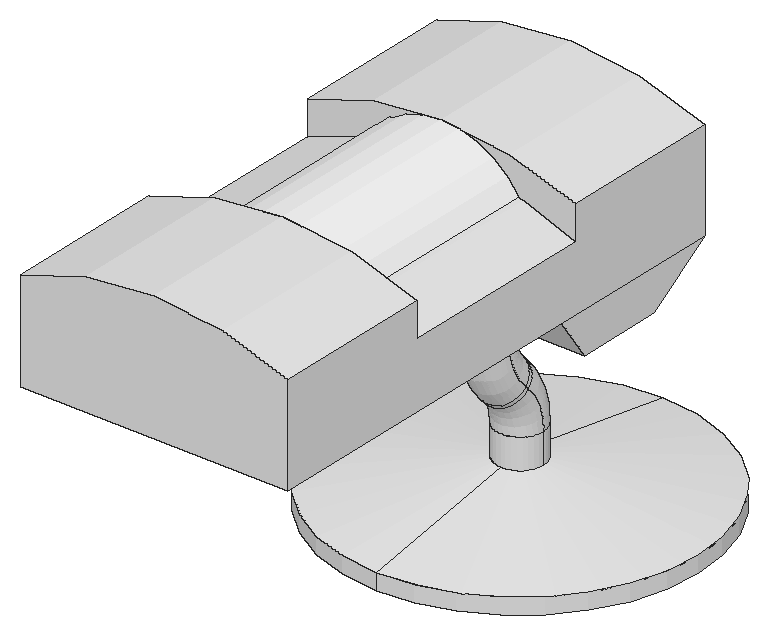
Revit family "Sensor-Lutron-Wall_Mount-Occupancy-12ft-LOS-WIR", category Lighting Devices, host Face, Revit 2017
Family settings
  Host = Face
  Maintain Annotation Orientation = Yes
  Round Connector Dimension = Use Diameter
  Part Type = Normal
  OmniClass Number = 23.85.80.11.27
  OmniClass Title = Lighting Controls
  Cut with Voids When Loaded = No
  Shared = No
  Room Calculation Point = No
Parameters (values of type "LOS-WIR-WH")
  Warranty URL = "http://www.lutron.com/en-US/Service-Support/Pages/Service/Warranty/Warranty.aspx"
  Voltage Comments = "20-24VDC"
  Video Link = "https://www.youtube.com/user/LutronElectronicsInc"
  Version = "2017 - v1.0b"  # constant formula
  Support Phone = "(224) 699-9545"  # constant formula
  Support Email = "mailto: support@anguleris.com"
  Series = "LOS-W"  # constant formula
  Sensor Material = Plastic-Lutron-White-Gloss
  Range Diagram Height = 12' - 0"  # constant formula
  Product Page URL = "http://www.lutron.com/en-US/products/Pages/sensors/occupancy-vacancy/loswseries/overview.aspx"
  Product Name = "Infrared Wall Mount Occupancy Sensor"
  Product Documentation Link = "http://www.lutron.com/TechnicalDocumentLibrary/LOS-WIR%20Series.pdf"
  Performance URL = "http://www.lutron.com/en-US/Service-Support/Pages/Technical/PerfomanceSpecs.aspx"
  Nominal Width = 0' - 3 77/128"  # constant formula
  Nominal Height = 0' - 6 13/32"  # constant formula
  Nominal Depth = 0' - 3 115/128"  # constant formula
  URL = "http://www.lutron.com"
  Type Comments = ""
  Model = "LOS-WIR-WH"
  Manufacturer Phone Number = "610-282-3800"  # constant formula
  Manufacturer Fax Number = "610-282-1243"  # constant formula
  Manufacturer Email = "mailto:support@lutron.com"
  Manufacturer Address = "7200 Suter Rd, Coopersburg, PA 18036"  # constant formula
  Manufacturer = "Lutron Electronics Co., Inc"  # constant formula
  Keynote = ""
  Instruction Sheet Link = "http://www.lutron.com/TechnicalDocumentLibrary/031259a.pdf"
  Infrared Minor Motion Detection [instance] = no
  Infrared Minor Motion = 20' - 0"  # constant formula
  Infrared Major Motion Detection [instance] = no
  Infrared Major Motion = 40' - 0"  # constant formula
  Height = 0' - 5 1/4"  # constant formula
  Field of View = 110.00°
  Description = "Infrared Wall Mount Occupancy Sensor"
  Default Elevation = 6' - 0"
  Coverage = 1600.00 SF
  Cost Info = "mailto:sales@lutron.com"
  Cost = 0
  Copyright = "© 2019 Lutron Electronics Co., Inc."  # constant formula
  Assembly Code = "D5030800"
Reference planes (in)
  plane 1 "Center (Front/Back)": y = 0
  plane 2: z = 0
  plane 3 "Center (Left/Right)": x = 0
  plane 4: x = -1.80078
  plane 5: x = 1.80078
  plane 6: y = 1.8
  plane 7: z = 3.89844
  plane 8: x = 1.34961
  plane 9: x = -1.34961
  plane 10: y = 0.63762
  plane 11: y = -4.61238
  plane 12: y = -1.98738
Forms (in)
  Extrusion 1, solid, material "Plastic-Lutron-White-Gloss" <- "Sensor Material"
    sketch origin (11.26288, -5.98738, 11.87143) x (1, 0, 0) y (0, 0, -1)
      loop
        arc (-12.61249, 8.25928) -> (-11.26288, 7.97298) -> (-9.91328, 8.25928) r 3.32416
        line (-9.91328, 8.25928) -> (-9.91328, 9.26528) -> (-12.61249, 9.26528) -> (-12.61249, 8.25928)
    from 1.375 to 6.625
  Extrusion 2, solid, material "Plastic-Lutron-White-Gloss" <- "Sensor Material"
    sketch origin (0, -6.17006, 1.35771) x (0, 0, 1) y (0, -1, 0)
      loop
        line (0.83206, -6.17006) -> (1.24844, -6.80768) -> (1.24844, -5.00864) -> (0.83206, -5.30019) -> (0.83206, -6.17006)
    from -1.34961 to 1.34961
  Extrusion 3, void, detail levels medium+fine
    sketch origin (11.26288, -5.98738, 3.96126) x (1, 0, 0) y (0, 0, -1)
      loop
        arc (-12.61249, 0.28785) -> (-11.26288, 0.00618) -> (-9.91328, 0.28785) r 3.37409
        line (-9.91328, 0.28785) -> (-9.91328, 0.69358)
        arc (-9.91328, 0.69358) -> (-11.26288, 0.39364) -> (-12.61249, 0.69358) r 3.18633
        line (-12.61249, 0.69358) -> (-12.61249, 0.28785)
    from 3 to 5
  Sweep 4, solid, material "Plastic-Lutron-White-Gloss" <- "Sensor Material"
    path origin (0, -6.36238, 3.9) x (0, 0, -1) y (0, 1, 0)
      loop
        line (1.71024, 5.92744) -> (2.16622, 5.92744)
        arc (2.16622, 5.92744) -> (2.43786, 5.98148) -> (2.66814, 6.13535) r 0.70982
        line (2.66814, 6.13535) -> (2.70111, 6.16831)
        arc (2.70111, 6.16831) -> (2.91607, 6.31194) -> (3.16963, 6.36238) r 0.66259
        line (3.16963, 6.36238) -> (3.47292, 6.36238)
    profile origin (0, -0.43494, 1.96177) x (1, 0, 0) y (0, 1, 0)
      loop
        circle (0, 0) r 0.23664
  Extrusion 5, solid, material "Plastic-Lutron-Clear"
    sketch origin (0, -1.68932, -0.16738) x (1, 0, 0) y (0, 0, 1)
      loop
        arc (-0.77556, 3.63917) -> (0, 3.735) -> (0.77556, 3.63917) r 3.18633
        arc (0.77556, 3.63917) -> (0, 4.06582) -> (-0.77556, 3.63917) r 0.91822
    from -0.70194 to 1.29806
  Revolve 6, solid, material "Plastic-Lutron-White-Gloss" <- "Sensor Material"
    sketch origin (0, 0, 0) x (0, 1, 0) y (0, 0, 1)
      loop
        line (0, 0.42864) -> (0, 0) -> (1.8, 0) -> (1.8, 0.16422) -> (0.23664, 0.42864) -> (0, 0.42864)
      axis (0, 0.42864) -> (0, 0)
    angle from 0 to 360
  Extrusion 7, solid, material "Infrared Minor Detection", visible <- "Infrared Minor Motion Detection"
    sketch origin (0, 0, 0) x (1, 0, 0) y (0, 0, 1)
      loop
        line (-240, 0) -> (240, 0)
        arc (240, 0) -> (0, 240) -> (-240, 0) r 240
    from -1.8 to -1.675
  Extrusion 8, void, detail levels fine
    sketch origin (0, 0, 0) x (1, 0, 0) y (0, 0, 1)
      loop
        arc (24.98185, 479.34946) -> (0, 480) -> (-24.98185, 479.34946) r 480
        line (-24.98185, 479.34946) -> (-0.06981, 3.99939)
        arc (-0.06981, 3.99939) -> (0, 4) -> (0.06981, 3.99939) r 4
        line (0.06981, 3.99939) -> (24.98185, 479.34946)
      loop
        arc (480, 0) -> (460.25109, 136.26787) -> (402.62945, 261.32264) r 480
        line (402.62945, 261.32264) -> (3.42066, 2.07342)
        arc (3.42066, 2.07342) -> (3.55661, 1.83045) -> (3.67532, 1.5786) r 4
        line (3.67532, 1.5786) -> (189.74119, 89.99044)
        arc (189.74119, 89.99044) -> (193.06097, 82.62846) -> (196.09522, 75.14429) r 210
        line (196.09522, 75.14429) -> (3.77598, 1.31985)
        arc (3.77598, 1.31985) -> (3.79844, 1.25374) -> (3.81974, 1.18726) r 4
        line (3.81974, 1.18726) -> (199.73769, 64.84486)
        arc (199.73769, 64.84486) -> (201.9811, 57.47725) -> (203.95285, 50.03232) r 210
        line (203.95285, 50.03232) -> (3.8929, 0.91943)
        arc (3.8929, 0.91943) -> (3.93554, 0.71519) -> (3.96748, 0.50901) r 4
        line (3.96748, 0.50901) -> (136.31939, 21.47149)
        arc (136.31939, 21.47149) -> (137.00452, 16.54575) -> (137.51172, 11.59853) r 138
        line (137.51172, 11.59853) -> (3.98283, 0.37024)
        arc (3.98283, 0.37024) -> (3.99328, 0.23178) -> (3.99892, 0.09305) r 4
        line (3.99892, 0.09305) -> (137.93018, 4.38914)
        arc (137.93018, 4.38914) -> (137.98254, 2.19485) -> (138, 0) r 138
        line (138, 0) -> (480, 0)
      loop
        line (-480, 0) -> (-138, 0)
        arc (-138, 0) -> (-137.98254, 2.19485) -> (-137.93018, 4.38914) r 138
        line (-137.93018, 4.38914) -> (-3.99892, 0.09305)
        arc (-3.99892, 0.09305) -> (-3.99328, 0.23178) -> (-3.98283, 0.37024) r 4
        line (-3.98283, 0.37024) -> (-137.51172, 11.59853)
        arc (-137.51172, 11.59853) -> (-137.00452, 16.54575) -> (-136.31939, 21.47149) r 138
        line (-136.31939, 21.47149) -> (-3.96748, 0.50901)
        arc (-3.96748, 0.50901) -> (-3.93554, 0.71519) -> (-3.8929, 0.91943) r 4
        line (-3.8929, 0.91943) -> (-203.95285, 50.03232)
        arc (-203.95285, 50.03232) -> (-201.9811, 57.47725) -> (-199.73769, 64.84486) r 210
        line (-199.73769, 64.84486) -> (-3.81974, 1.18726)
        arc (-3.81974, 1.18726) -> (-3.79844, 1.25374) -> (-3.77598, 1.31985) r 4
        line (-3.77598, 1.31985) -> (-196.09522, 75.14429)
        arc (-196.09522, 75.14429) -> (-193.06097, 82.62846) -> (-189.74119, 89.99044) r 210
        line (-189.74119, 89.99044) -> (-3.67532, 1.5786)
        arc (-3.67532, 1.5786) -> (-3.55661, 1.83045) -> (-3.42066, 2.07342) r 4
        line (-3.42066, 2.07342) -> (-408.29236, 252.38334)
        arc (-408.29236, 252.38334) -> (-461.72521, 131.18626) -> (-480, 0) r 480
      loop
        arc (115.75325, 465.83386) -> (91.3518, 471.22696) -> (66.70274, 475.34277) r 480
        line (66.70274, 475.34277) -> (0.69262, 3.93958)
        arc (0.69262, 3.93958) -> (0.76127, 3.92689) -> (0.82968, 3.91301) r 4
        line (0.82968, 3.91301) -> (115.75325, 465.83386)
      loop
        arc (202.29336, 435.29001) -> (179.3643, 445.22854) -> (155.94906, 453.96023) r 480
        line (155.94906, 453.96023) -> (1.42972, 3.73576)
        arc (1.42972, 3.73576) -> (1.4947, 3.71024) -> (1.55923, 3.68359) r 4
        line (1.55923, 3.68359) -> (202.29336, 435.29001)
      loop
        arc (294.83746, 378.77549) -> (274.7243, 393.60711) -> (253.86648, 407.37183) r 480
        line (253.86648, 407.37183) -> (2.23178, 3.31951)
        arc (2.23178, 3.31951) -> (2.28937, 3.28006) -> (2.34627, 3.2396) r 4
        line (2.34627, 3.2396) -> (294.83746, 378.77549)
      loop
        arc (367.65129, 308.59768) -> (353.58828, 324.61566) -> (338.82801, 339.9935) r 480
        line (338.82801, 339.9935) -> (2.91993, 2.73386)
        arc (2.91993, 2.73386) -> (2.9672, 2.68249) -> (3.01356, 2.63029) r 4
        line (3.01356, 2.63029) -> (367.65129, 308.59768)
      loop
        line (-115.75325, 465.83386) -> (-0.82968, 3.91301)
        arc (-0.82968, 3.91301) -> (-0.76127, 3.92689) -> (-0.69262, 3.93958) r 4
        line (-0.69262, 3.93958) -> (-66.70274, 475.34277)
        arc (-66.70274, 475.34277) -> (-91.3518, 471.22696) -> (-115.75325, 465.83386) r 480
      loop
        line (-202.29336, 435.29001) -> (-1.55923, 3.68359)
        arc (-1.55923, 3.68359) -> (-1.4947, 3.71024) -> (-1.42972, 3.73576) r 4
        line (-1.42972, 3.73576) -> (-155.94906, 453.96023)
        arc (-155.94906, 453.96023) -> (-179.3643, 445.22854) -> (-202.29336, 435.29001) r 480
      loop
        line (-294.83746, 378.77549) -> (-2.34627, 3.2396)
        arc (-2.34627, 3.2396) -> (-2.28937, 3.28006) -> (-2.23178, 3.31951) r 4
        line (-2.23178, 3.31951) -> (-253.86648, 407.37183)
        arc (-253.86648, 407.37183) -> (-274.7243, 393.60711) -> (-294.83746, 378.77549) r 480
      loop
        line (-378.1113, 295.68876) -> (-3.01356, 2.63029)
        arc (-3.01356, 2.63029) -> (-2.9672, 2.68249) -> (-2.91993, 2.73386) r 4
        line (-2.91993, 2.73386) -> (-338.82801, 339.9935)
        arc (-338.82801, 339.9935) -> (-359.15348, 318.44745) -> (-378.1113, 295.68876) r 480
    from -1.8 to -1.675
  Extrusion 9, solid, material "Infrared Major Detection", visible <- "Infrared Major Motion Detection"
    sketch origin (0, 0, 0) x (1, 0, 0) y (0, 0, 1)
      loop
        line (-480, 0) -> (480, 0)
        arc (480, 0) -> (0, 480) -> (-480, 0) r 480
    from -1.76723 to -1.70186
Cuts and joins
  Extrusion 3, Extrusion 8 cuts Extrusion 1
  Extrusion 8 cuts Extrusion 2
  Extrusion 8 cuts Sweep 4
  Extrusion 8 cuts Extrusion 5
  Extrusion 8 cuts Extrusion 7
  Extrusion 8 cuts Extrusion 9
Lines and regions (in)
  symbolic lines, detail levels fine
    curve 1: line (-0.23664, 0, 0.42864) -> (-0.23664, 0, 2.18976)
    curve 2: line (0.23664, 0, 0.42864) -> (0.23664, 0, 2.18976)
    curve 3: line (1.80078, 0, 0.16422) -> (1.80078, 0, 0)
    curve 4: line (1.80078, 0, 0) -> (-1.80078, 0, 0)
    curve 5: line (-1.80078, 0, 0) -> (-1.80078, 0, 0.16422)
    curve 6: line (-0.23664, 0, 0.42864) -> (0.23664, 0, 0.42864)
    curve 7: line (-1.80078, 0, 0.16422) -> (-0.23664, 0, 0.42864)
    curve 8: line (1.80078, 0, 0.16422) -> (0.23664, 0, 0.42864)
    curve 9: line (-1.34961, 0, 2.18976) -> (1.34961, 0, 2.18976)
    curve 10: arc (-1.34961, 0, 3.61214) -> (0, 0, 3.89844) -> (1.34961, 0, 3.61214) r 3.32416
    curve 11: line (1.34961, 0, 2.18976) -> (1.34961, 0, 3.61214)
    curve 12: line (-1.34961, 0, 3.61214) -> (-1.34961, 0, 2.18976)
Dimensions and locks (in)
  equal spacing: plane 4, plane 3 "Center (Left/Right)", plane 5
  "Nominal Width": plane 4 to plane 5
  locked: plane 1 "Center (Front/Back)" to plane 6 at 1.8
  locked: Revolve 6 sketch curve to plane 6 at 1.56336
  plane 2 to Revolve 6 sketch curve to Revolve 6 sketch curve = 0' - 0.16422" locked, 0' - 0.26442" locked
  Extrusion 2 sketch curve to Extrusion 2 sketch curve to Extrusion 2 sketch curve to plane 1 "Center (Front/Back)" to Extrusion 2 sketch curve = 0' - 0.29155" locked, 0' - 0.86987" locked, 0' - 0" locked, 0' - 0.63762" locked
  equal spacing: plane 9, plane 3 "Center (Left/Right)", plane 8
  locked: plane 9 to plane 8 at 2.69922
  locked: plane 7 to Extrusion 1 sketch curve at 3.32416
  "Nominal Depth": plane 2 to plane 7
  "Height": plane 11 to plane 10
  locked: plane 10 to plane 6 at 1.16238
  equal spacing: plane 11, plane 12, plane 10
  equal spacing: cut or joined group of Extrusion 1, Extrusion 3, Extrusion 8, plane 12, cut or joined group of Extrusion 1, Extrusion 3, Extrusion 8
  locked: cut or joined group of Extrusion 1, Extrusion 3, Extrusion 8 to cut or joined group of Extrusion 1, Extrusion 3, Extrusion 8 at 2
  locked: plane 7 to Extrusion 3 sketch curve at 3.31745
  locked: plane 7 to Extrusion 3 sketch curve at 3.51715
  locked: plane 7 to Extrusion 5 sketch curve at 0.91822
  plane 11 to plane 6 = 0' - 6.41238"
  Extrusion 9 sketch curve to plane 3 "Center (Left/Right)" to Extrusion 9 sketch curve = 40' - 0", 40' - 0"
  "Infrared Major Motion": Extrusion 9 sketch curve to Extrusion 9 sketch curve
  cut or joined group of Extrusion 7, Extrusion 8 to Extrusion 9 to Extrusion 9 to cut or joined group of Extrusion 7, Extrusion 8 = 0' - 0.03277" locked, 0' - 0.06536" locked, 0' - 0.02686" locked
  locked: cut or joined group of Extrusion 1, Extrusion 3, Extrusion 8 to plane 7 at 1.29229
  equal spacing: Extrusion 1 sketch curve, plane 7, Extrusion 1 sketch curve
  cut or joined group of Extrusion 1, Extrusion 3, Extrusion 8 to cut or joined group of Extrusion 1, Extrusion 3, Extrusion 8 = 0' - 1.2923"
  locked: Extrusion 1 sketch curve to Extrusion 1 sketch curve at 1.2923
  Sweep 4 sketch curve to Sweep 4 sketch curve to plane 1 "Center (Front/Back)" to Sweep 4 sketch curve = 0' - 0.2079" locked, 0' - 0.22703" locked, 0' - 0" locked
  Sweep 4 sketch curve to plane 1 "Center (Front/Back)" = 0' - 0.43494"
  locked: Sweep 4 sketch curve to plane 2 at 0.42708
  locked: Sweep 4 sketch curve to plane 7 at 1.70867
  "Infrared Minor Motion": radius of Extrusion 7 sketch curve
  radius of Extrusion 7 sketch curve = 20' - 0"
  radius of Extrusion 8 sketch curve = 40' - 0"  (x11)
  radius of Extrusion 8 sketch curve = 17' - 6"  (x4)
  radius of Extrusion 8 sketch curve = 11' - 6"  (x4)
  aligned and locked: plane 2 to host face
  aligned and locked: level to host face
  aligned and locked: plane 1 "Center (Front/Back)" to Revolve 6 sketch curve
  aligned and locked: Revolve 6 sketch curve to plane 6
  aligned and locked: Revolve 6 sketch curve to plane 2
  aligned and locked: Extrusion 2 sketch curve to cut or joined group of Extrusion 1, Extrusion 3, Extrusion 8
  aligned and locked: Extrusion 2 sketch curve to Sweep 4
  aligned and locked: plane 9 to Extrusion 2
  aligned and locked: Extrusion 2 to plane 8
  aligned and locked: plane 9 to Extrusion 1 sketch curve
  aligned and locked: plane 8 to Extrusion 1 sketch curve
  aligned and locked: plane 10 to cut or joined group of Extrusion 1, Extrusion 3, Extrusion 8
  aligned and locked: plane 11 to cut or joined group of Extrusion 1, Extrusion 3, Extrusion 8
  aligned and locked: cut or joined group of Extrusion 1, Extrusion 3, Extrusion 8 to Extrusion 5  (x2)
  aligned and locked: plane 9 to Extrusion 3 sketch curve
  aligned and locked: plane 8 to Extrusion 3 sketch curve
  aligned and locked: Extrusion 5 sketch curve to cut or joined group of Extrusion 1, Extrusion 3, Extrusion 8
  aligned and locked: Extrusion 7 to plane 6
  aligned and locked: Extrusion 8 to plane 6
  aligned and locked: cut or joined group of Sweep 4, Extrusion 8 to curve 1
  aligned and locked: cut or joined group of Sweep 4, Extrusion 8 to curve 2
  aligned and locked: plane 5 to curve 3
  aligned and locked: curve 6 to Revolve 6
  aligned and locked: curve 5 to curve 5
  aligned and locked: curve 5 to Revolve 6
  aligned and locked: Revolve 6 to curve 3
  aligned and locked: plane 2 to curve 4
  aligned and locked: curve 9 to cut or joined group of Extrusion 2, Extrusion 8
  aligned and locked: curve 10 to cut or joined group of Extrusion 1, Extrusion 3, Extrusion 8
  aligned and locked: curve 11 to cut or joined group of Extrusion 1, Extrusion 3, Extrusion 8
  aligned and locked: curve 12 to cut or joined group of Extrusion 1, Extrusion 3, Extrusion 8
  aligned and locked: Extrusion 9 sketch curve to plane 2
  aligned and locked: plane 3 "Center (Left/Right)" to nested 1
  aligned and locked: plane 1 "Center (Front/Back)" to nested 1
  aligned and locked: plane 3 "Center (Left/Right)" to Sweep 4 sketch curve
  aligned and locked: Extrusion 7 sketch curve to plane 2
  aligned and locked: plane 3 "Center (Left/Right)" to Extrusion 7 sketch curve
  aligned and locked: plane 2 to Extrusion 8 sketch curve  (x2)
  aligned and locked: plane 3 "Center (Left/Right)" to Extrusion 8 sketch curve
Automatic sketch dimensions
  host sketch curve to host sketch curve = 8' - 0"  (x2)
  Extrusion 3 sketch curve to plane 3 "Center (Left/Right)" = 0' - 0"  (x2)
  plane 7 to Extrusion 3 sketch curve = 0' - 0.22503"
  Extrusion 3 sketch curve to Extrusion 3 sketch curve = 0' - 0.40573"
  Sweep 4 sketch curve to plane 1 "Center (Front/Back)" = 0' - 0.27489"
  Sweep 4 sketch curve to Sweep 4 sketch curve = 0' - 0.45598"
  Sweep 4 sketch curve to Sweep 4 sketch curve = 0' - 0.03297"
  Sweep 4 sketch curve to Sweep 4 sketch curve = 0' - 0.30329"
  Sweep 4 sketch curve to Sweep 4 sketch curve = 0' - 0.66259"
  Extrusion 5 sketch curve to plane 3 "Center (Left/Right)" = 0' - 0"
  plane 7 to Extrusion 5 sketch curve = 0' - 0.42665"
  Revolve 6 sketch curve to plane 1 "Center (Front/Back)" = 0' - 0"
  Revolve 6 sketch curve to level = 0' - 0.45822"
  Revolve 6 sketch curve to Revolve 6 sketch curve = 0' - 0.61314"
  Extrusion 1 sketch curve to plane 3 "Center (Left/Right)" = 0' - 0"
  Extrusion 8 sketch curve to Extrusion 8 sketch curve = 0' - 0"  (x66)
  Extrusion 8 sketch curve to plane 3 "Center (Left/Right)" = 0' - 0"
  Extrusion 8 sketch curve to plane 3 "Center (Left/Right)" = 0' - 0.06981"
  Extrusion 8 sketch curve to plane 7 = 0' - 0.04114"  (x2)
  Extrusion 8 sketch curve to Extrusion 8 sketch curve = 0' - 0.62281"  (x2)
  Extrusion 8 sketch curve to plane 7 = 0' - 0.01457"  (x2)
  plane 9 to Extrusion 8 sketch curve = 0' - 0.08011"
  Extrusion 8 sketch curve to Extrusion 8 sketch curve = 0' - 0.12951"  (x2)
  plane 4 to Extrusion 8 sketch curve = 0' - 0.43099"
  Extrusion 8 sketch curve to Extrusion 8 sketch curve = 0' - 0.11449"  (x2)
  Extrusion 8 sketch curve to Extrusion 8 sketch curve = 0' - 0.57367"  (x2)
  Extrusion 8 sketch curve to Extrusion 8 sketch curve = 0' - 0.09363"  (x2)
  Extrusion 8 sketch curve to Extrusion 8 sketch curve = 0' - 0.4071"  (x2)
  Extrusion 8 sketch curve to Extrusion 8 sketch curve = 0' - 0.25466"  (x2)
  Extrusion 8 sketch curve to Extrusion 8 sketch curve = 0' - 0.10065"  (x2)
  Extrusion 8 sketch curve to Extrusion 8 sketch curve = 0' - 0.04376"  (x2)
  level to Extrusion 8 sketch curve = 0' - 0.91943"  (x2)
  Extrusion 8 sketch curve to Extrusion 8 sketch curve = 0' - 0.07316"  (x2)
  level to Extrusion 8 sketch curve = 0' - 0.50901"  (x2)
  Extrusion 8 sketch curve to Extrusion 8 sketch curve = 0' - 0.01535"  (x2)
  level to Extrusion 8 sketch curve = 0' - 0.09305"  (x2)
  Extrusion 8 sketch curve to Extrusion 8 sketch curve = 0' - 0.01609"
  plane 4 to Extrusion 8 sketch curve = 1' - 11.18107"
  Extrusion 8 sketch curve to plane 7 = 1' - 5.57305"  (x2)
  Extrusion 8 sketch curve to plane 7 = 0' - 0.4907"  (x2)
  Extrusion 8 sketch curve to Extrusion 8 sketch curve = 0' - 0.41846"  (x2)
  Extrusion 8 sketch curve to Extrusion 8 sketch curve = 3' - 4.19581"  (x2)
  Extrusion 8 sketch curve to Extrusion 8 sketch curve = 4' - 5.42181"  (x2)
  Extrusion 8 sketch curve to Extrusion 8 sketch curve = 0' - 6.35403"  (x2)
  Extrusion 8 sketch curve to Extrusion 8 sketch curve = 0' - 3.64247"  (x2)
  Extrusion 8 sketch curve to Extrusion 8 sketch curve = 0' - 4.21517"  (x2)
  Extrusion 8 sketch curve to Extrusion 8 sketch curve = 3' - 4.97098"  (x2)
  Extrusion 8 sketch curve to Extrusion 8 sketch curve = 3' - 3.28329"
  Extrusion 8 sketch curve to Extrusion 8 sketch curve = 2' - 6.18105"
  plane 3 "Center (Left/Right)" to Extrusion 8 sketch curve = 0' - 0.06981"
  Extrusion 8 sketch curve to plane 8 = 0' - 0.08011"
  Extrusion 8 sketch curve to plane 5 = 0' - 0.43099"
  level to Extrusion 8 sketch curve = 0' - 1.18726"
  level to Extrusion 8 sketch curve = 0' - 0.37024"
  Extrusion 8 sketch curve to plane 5 = 1' - 11.18107"
  Extrusion 8 sketch curve to Extrusion 8 sketch curve = 3' - 5.72089"
  Extrusion 8 sketch curve to Extrusion 8 sketch curve = 3' - 7.99055"
  Extrusion 8 sketch curve to Extrusion 8 sketch curve = 2' - 4.82329"
  Extrusion 8 sketch curve to Extrusion 8 sketch curve = 2' - 10.97816"
  Extrusion 8 sketch curve to Extrusion 8 sketch curve = 0' - 0.26784"
  Extrusion 8 sketch curve to Extrusion 8 sketch curve = 0' - 0.25876"  (x2)
  Extrusion 8 sketch curve to Extrusion 8 sketch curve = 0' - 0.55687"  (x2)
  plane 7 to Extrusion 8 sketch curve = 0' - 0.65883"  (x2)
  plane 7 to Extrusion 8 sketch curve = 0' - 0 55/256"  (x2)
  Extrusion 8 sketch curve to plane 7 = 0' - 0.10095"
  Extrusion 8 sketch curve to Extrusion 8 sketch curve = 3' - 7.30542"
  Extrusion 8 sketch curve to Extrusion 8 sketch curve = 3' - 2.78199"  (x2)
  Extrusion 8 sketch curve to Extrusion 8 sketch curve = 2' - 3.91818"  (x2)
  Extrusion 8 sketch curve to Extrusion 8 sketch curve = 0' - 11.87363"  (x2)
  Extrusion 8 sketch curve to Extrusion 8 sketch curve = 0' - 4.0067"
  plane 4 to curve 4 = 0' - 0"
  plane 7 to Extrusion 1 sketch curve = 0' - 1.29229"
  radius of Sweep 4 sketch curve = 0' - 0.23664"
Nested families (in)
  nested 1: "Wall Occupancy Sensor" at (0, 0, 0), type "Wall Occupancy Sensor"
Connectors (in)
  electrical at (0, 0, 0)
    settings: on Revolve 6, index 1, voltage 0 V, apparent load 0 VA, apparent load phase1 0 VA, apparent load phase2 0 VA, apparent load phase3 0 VA, power factor 1, load classification "Other", number of poles 1, system type 13, power factor state 1, is connector primary yes, connector utility no, sub classification motor no, connector description "Lighting Control Connection"
Definition of nested family "Wall Occupancy Sensor"
  Parameters
    Label = "OS"
  Reference planes (in)
    plane 1: y = 0
    plane 2: x = 0
  Lines and regions (in)
    detail lines
      curve 1: line (-0.10156, 0.24626, 0) -> (-0.10156, 0.06462, 0)
      curve 2: line (-0.10156, 0.06462, 0) -> (0.09961, 0.06462, 0)
      curve 3: line (0.09961, 0.06462, 0) -> (0.09961, 0.24626, 0)
      curve 4: line (0.09961, 0.24626, 0) -> (-0.10156, 0.24626, 0)
      curve 5: line (-0.05859, 0, 0) -> (0.05859, 0, 0)
      curve 6: line (0, 0, 0) -> (0, 0.06462, 0)
  Text (in)
    label "OS" at (-0.00197, 0.15314, 0), shows "Label"
  Dimensions and locks (in)
    curve 4 to curve 2 to plane 1 = 0' - 0.18164" locked, 0' - 0.06462" locked
    curve 1 to plane 2 to curve 3 = 0' - 0 13/128" locked, 0' - 0.09961" locked
    aligned and locked: plane 2 to curve 6
    aligned and locked: plane 1 to curve 5
